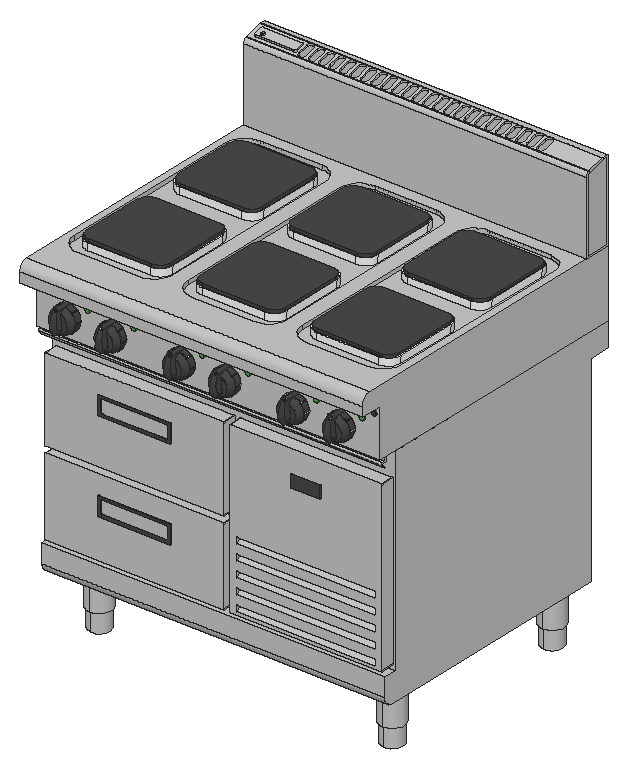
Revit family "QF_Moffat_RN8600SE-RB_Electric_Cooktops_Sealed_Hobs_cat", category Specialty Equipment, Revit 2019 (continued)
Definition of nested family "High and Low Option"
  Forms (mm)
    Extrusion 3, solid, visible <- "High Back"
      sketch origin (0, 0, 0) x (0, 1, 0) y (0, 0, 1)
        loop
          arc (-60.278, 1114.555) -> (-64.982, 1111.412) -> (-66.8, 1106.055) r 8.8
          line (-66.8, 1106.055) -> (-66.8, 918.2) -> (-3.2, 918.2) -> (-3.2, 1126.909)
      from 0 to 3.2
    Extrusion 4, solid, visible <- "High Back"
      sketch origin (900, 0, 0) x (0, 1, 0) y (0, 0, -1)
        loop
          line (-3.2, -1126.909) -> (-3.2, -918.2) -> (-66.8, -918.2) -> (-66.8, -1106.055)
          arc (-66.8, -1106.055) -> (-64.982, -1111.412) -> (-60.278, -1114.555) r 8.8
          line (-60.278, -1114.555) -> (-14.172, -1126.909) -> (-3.2, -1126.909)
      from 0 to 3.2
    Extrusion 5, solid, visible <- "High Back"
      sketch origin (0, -15, 1130) x (0, -0.965926, -0.258819) y (1, 0, 0)
        loop
          line (47.732, 900) -> (0, 900) -> (0, 0) -> (47.732, 0) -> (47.732, 900)
        loop
          arc (11.379, 149.307) -> (1.379, 139.307) -> (11.379, 129.307) r 10
          line (11.379, 129.307) -> (36.495, 129.307)
          arc (36.495, 129.307) -> (46.495, 139.307) -> (36.495, 149.307) r 10
          line (36.495, 149.307) -> (11.379, 149.307)
        loop
          arc (11.379, 176.588) -> (1.379, 166.588) -> (11.379, 156.588) r 10
          line (11.379, 156.588) -> (36.495, 156.588)
          arc (36.495, 156.588) -> (46.495, 166.588) -> (36.495, 176.588) r 10
          line (36.495, 176.588) -> (11.379, 176.588)
        loop
          arc (11.379, 203.868) -> (1.379, 193.868) -> (11.379, 183.868) r 10
          line (11.379, 183.868) -> (36.495, 183.868)
          arc (36.495, 183.868) -> (46.495, 193.868) -> (36.495, 203.868) r 10
          line (36.495, 203.868) -> (11.379, 203.868)
        loop
          arc (11.379, 231.148) -> (1.379, 221.148) -> (11.379, 211.148) r 10
          line (11.379, 211.148) -> (36.495, 211.148)
          arc (36.495, 211.148) -> (46.495, 221.148) -> (36.495, 231.148) r 10
          line (36.495, 231.148) -> (11.379, 231.148)
        loop
          arc (11.379, 258.428) -> (1.379, 248.428) -> (11.379, 238.428) r 10
          line (11.379, 238.428) -> (36.495, 238.428)
          arc (36.495, 238.428) -> (46.495, 248.428) -> (36.495, 258.428) r 10
          line (36.495, 258.428) -> (11.379, 258.428)
        loop
          arc (11.379, 285.709) -> (1.379, 275.709) -> (11.379, 265.709) r 10
          line (11.379, 265.709) -> (36.495, 265.709)
          arc (36.495, 265.709) -> (46.495, 275.709) -> (36.495, 285.709) r 10
          line (36.495, 285.709) -> (11.379, 285.709)
        loop
          arc (11.379, 312.989) -> (1.379, 302.989) -> (11.379, 292.989) r 10
          line (11.379, 292.989) -> (36.495, 292.989)
          arc (36.495, 292.989) -> (46.495, 302.989) -> (36.495, 312.989) r 10
          line (36.495, 312.989) -> (11.379, 312.989)
        loop
          arc (11.379, 340.269) -> (1.379, 330.269) -> (11.379, 320.269) r 10
          line (11.379, 320.269) -> (36.495, 320.269)
          arc (36.495, 320.269) -> (46.495, 330.269) -> (36.495, 340.269) r 10
          line (36.495, 340.269) -> (11.379, 340.269)
        loop
          arc (11.379, 367.549) -> (1.379, 357.549) -> (11.379, 347.549) r 10
          line (11.379, 347.549) -> (36.495, 347.549)
          arc (36.495, 347.549) -> (46.495, 357.549) -> (36.495, 367.549) r 10
          line (36.495, 367.549) -> (11.379, 367.549)
        loop
          arc (11.379, 394.829) -> (1.379, 384.829) -> (11.379, 374.829) r 10
          line (11.379, 374.829) -> (36.495, 374.829)
          arc (36.495, 374.829) -> (46.495, 384.829) -> (36.495, 394.829) r 10
          line (36.495, 394.829) -> (11.379, 394.829)
        loop
          arc (11.379, 422.11) -> (1.379, 412.11) -> (11.379, 402.11) r 10
          line (11.379, 402.11) -> (36.495, 402.11)
          arc (36.495, 402.11) -> (46.495, 412.11) -> (36.495, 422.11) r 10
          line (36.495, 422.11) -> (11.379, 422.11)
        loop
          arc (11.379, 449.39) -> (1.379, 439.39) -> (11.379, 429.39) r 10
          line (11.379, 429.39) -> (36.495, 429.39)
          arc (36.495, 429.39) -> (46.495, 439.39) -> (36.495, 449.39) r 10
          line (36.495, 449.39) -> (11.379, 449.39)
        loop
          arc (11.379, 476.67) -> (1.379, 466.67) -> (11.379, 456.67) r 10
          line (11.379, 456.67) -> (36.495, 456.67)
          arc (36.495, 456.67) -> (46.495, 466.67) -> (36.495, 476.67) r 10
          line (36.495, 476.67) -> (11.379, 476.67)
        loop
          arc (11.379, 503.95) -> (1.379, 493.95) -> (11.379, 483.95) r 10
          line (11.379, 483.95) -> (36.495, 483.95)
          arc (36.495, 483.95) -> (46.495, 493.95) -> (36.495, 503.95) r 10
          line (36.495, 503.95) -> (11.379, 503.95)
        loop
          arc (11.379, 531.23) -> (1.379, 521.23) -> (11.379, 511.23) r 10
          line (11.379, 511.23) -> (36.495, 511.23)
          arc (36.495, 511.23) -> (46.495, 521.23) -> (36.495, 531.23) r 10
          line (36.495, 531.23) -> (11.379, 531.23)
        loop
          arc (11.379, 558.511) -> (1.379, 548.511) -> (11.379, 538.511) r 10
          line (11.379, 538.511) -> (36.495, 538.511)
          arc (36.495, 538.511) -> (46.495, 548.511) -> (36.495, 558.511) r 10
          line (36.495, 558.511) -> (11.379, 558.511)
        loop
          arc (11.379, 585.791) -> (1.379, 575.791) -> (11.379, 565.791) r 10
          line (11.379, 565.791) -> (36.495, 565.791)
          arc (36.495, 565.791) -> (46.495, 575.791) -> (36.495, 585.791) r 10
          line (36.495, 585.791) -> (11.379, 585.791)
        loop
          arc (11.379, 613.071) -> (1.379, 603.071) -> (11.379, 593.071) r 10
          line (11.379, 593.071) -> (36.495, 593.071)
          arc (36.495, 593.071) -> (46.495, 603.071) -> (36.495, 613.071) r 10
          line (36.495, 613.071) -> (11.379, 613.071)
        loop
          arc (11.379, 640.351) -> (1.379, 630.351) -> (11.379, 620.351) r 10
          line (11.379, 620.351) -> (36.495, 620.351)
          arc (36.495, 620.351) -> (46.495, 630.351) -> (36.495, 640.351) r 10
          line (36.495, 640.351) -> (11.379, 640.351)
        loop
          arc (11.379, 667.632) -> (1.379, 657.632) -> (11.379, 647.632) r 10
          line (11.379, 647.632) -> (36.495, 647.632)
          arc (36.495, 647.632) -> (46.495, 657.632) -> (36.495, 667.632) r 10
          line (36.495, 667.632) -> (11.379, 667.632)
        loop
          arc (11.379, 694.912) -> (1.379, 684.912) -> (11.379, 674.912) r 10
          line (11.379, 674.912) -> (36.495, 674.912)
          arc (36.495, 674.912) -> (46.495, 684.912) -> (36.495, 694.912) r 10
          line (36.495, 694.912) -> (11.379, 694.912)
        loop
          arc (11.379, 722.192) -> (1.379, 712.192) -> (11.379, 702.192) r 10
          line (11.379, 702.192) -> (36.495, 702.192)
          arc (36.495, 702.192) -> (46.495, 712.192) -> (36.495, 722.192) r 10
          line (36.495, 722.192) -> (11.379, 722.192)
        loop
          arc (11.379, 749.472) -> (1.379, 739.472) -> (11.379, 729.472) r 10
          line (11.379, 729.472) -> (36.495, 729.472)
          arc (36.495, 729.472) -> (46.495, 739.472) -> (36.495, 749.472) r 10
          line (36.495, 749.472) -> (11.379, 749.472)
        loop
          arc (11.379, 776.752) -> (1.379, 766.752) -> (11.379, 756.752) r 10
          line (11.379, 756.752) -> (36.495, 756.752)
          arc (36.495, 756.752) -> (46.495, 766.752) -> (36.495, 776.752) r 10
          line (36.495, 776.752) -> (11.379, 776.752)
      from 0 to -3.2
    Extrusion 6, solid, visible <- "Low Back", not visible
      sketch origin (0, 0, 600) x (0, 1, 0) y (0, 0, 1)
        loop
          line (-70, 315) -> (0, 315) -> (0, 370) -> (-55, 370) -> (-70, 355) -> (-70, 315)
      from 0 to 900
    Extrusion 7, solid, visible <- "High Back", not visible
      sketch origin (0, 0, 0) x (0, 1, 0) y (0, 0, 1)
        loop
          line (-70, 915) -> (0, 915) -> (0, 1130) -> (-15, 1130) -> (-14.172, 1126.909) -> (-3.2, 1126.909) -> (-3.2, 918.2) -> (-66.8, 918.2) -> (-66.8, 1106.055)
          arc (-66.8, 1106.055) -> (-64.982, 1111.412) -> (-60.278, 1114.555) r 8.8
          line (-60.278, 1114.555) -> (-61.106, 1117.646)
          arc (-61.106, 1117.646) -> (-67.52, 1113.36) -> (-70, 1106.055) r 12
          line (-70, 1106.055) -> (-70, 915)
      from 0 to 900
    Extrusion 8, solid, visible <- "High Back", not visible
      sketch origin (0, 0, 0) x (0, 1, 0) y (0, 0, 1)
        loop
          line (-3.2, 1126.909) -> (-14.172, 1126.909) -> (-60.278, 1114.555)
          arc (-60.278, 1114.555) -> (-64.982, 1111.412) -> (-66.8, 1106.055) r 8.8
          line (-66.8, 1106.055) -> (-66.8, 918.2) -> (-3.2, 918.2) -> (-3.2, 1126.909)
      from 0 to 3.2
    Extrusion 9, solid, visible <- "High Back", not visible
      sketch origin (900, 0, 0) x (0, 1, 0) y (0, 0, -1)
        loop
          line (-3.2, -1126.909) -> (-3.2, -918.2) -> (-66.8, -918.2) -> (-66.8, -1106.055)
          arc (-66.8, -1106.055) -> (-64.982, -1111.412) -> (-60.278, -1114.555) r 8.8
          line (-60.278, -1114.555) -> (-14.172, -1126.909) -> (-3.2, -1126.909)
      from 0 to 3.2
    Extrusion 10, solid, visible <- "High Back", not visible
      sketch origin (0, -15, 1130) x (0, -0.965926, -0.258819) y (1, 0, 0)
        loop
          line (47.732, 900) -> (0, 900) -> (0, 0) -> (47.732, 0) -> (47.732, 900)
        loop
          arc (11.379, 149.307) -> (1.379, 139.307) -> (11.379, 129.307) r 10
          line (11.379, 129.307) -> (36.495, 129.307)
          arc (36.495, 129.307) -> (46.495, 139.307) -> (36.495, 149.307) r 10
          line (36.495, 149.307) -> (11.379, 149.307)
        loop
          arc (11.379, 176.588) -> (1.379, 166.588) -> (11.379, 156.588) r 10
          line (11.379, 156.588) -> (36.495, 156.588)
          arc (36.495, 156.588) -> (46.495, 166.588) -> (36.495, 176.588) r 10
          line (36.495, 176.588) -> (11.379, 176.588)
        loop
          arc (11.379, 203.868) -> (1.379, 193.868) -> (11.379, 183.868) r 10
          line (11.379, 183.868) -> (36.495, 183.868)
          arc (36.495, 183.868) -> (46.495, 193.868) -> (36.495, 203.868) r 10
          line (36.495, 203.868) -> (11.379, 203.868)
        loop
          arc (11.379, 231.148) -> (1.379, 221.148) -> (11.379, 211.148) r 10
          line (11.379, 211.148) -> (36.495, 211.148)
          arc (36.495, 211.148) -> (46.495, 221.148) -> (36.495, 231.148) r 10
          line (36.495, 231.148) -> (11.379, 231.148)
        loop
          arc (11.379, 258.428) -> (1.379, 248.428) -> (11.379, 238.428) r 10
          line (11.379, 238.428) -> (36.495, 238.428)
          arc (36.495, 238.428) -> (46.495, 248.428) -> (36.495, 258.428) r 10
          line (36.495, 258.428) -> (11.379, 258.428)
        loop
          arc (11.379, 285.709) -> (1.379, 275.709) -> (11.379, 265.709) r 10
          line (11.379, 265.709) -> (36.495, 265.709)
          arc (36.495, 265.709) -> (46.495, 275.709) -> (36.495, 285.709) r 10
          line (36.495, 285.709) -> (11.379, 285.709)
        loop
          arc (11.379, 312.989) -> (1.379, 302.989) -> (11.379, 292.989) r 10
          line (11.379, 292.989) -> (36.495, 292.989)
          arc (36.495, 292.989) -> (46.495, 302.989) -> (36.495, 312.989) r 10
          line (36.495, 312.989) -> (11.379, 312.989)
        loop
          arc (11.379, 340.269) -> (1.379, 330.269) -> (11.379, 320.269) r 10
          line (11.379, 320.269) -> (36.495, 320.269)
          arc (36.495, 320.269) -> (46.495, 330.269) -> (36.495, 340.269) r 10
          line (36.495, 340.269) -> (11.379, 340.269)
        loop
          arc (11.379, 367.549) -> (1.379, 357.549) -> (11.379, 347.549) r 10
          line (11.379, 347.549) -> (36.495, 347.549)
          arc (36.495, 347.549) -> (46.495, 357.549) -> (36.495, 367.549) r 10
          line (36.495, 367.549) -> (11.379, 367.549)
        loop
          arc (11.379, 394.829) -> (1.379, 384.829) -> (11.379, 374.829) r 10
          line (11.379, 374.829) -> (36.495, 374.829)
          arc (36.495, 374.829) -> (46.495, 384.829) -> (36.495, 394.829) r 10
          line (36.495, 394.829) -> (11.379, 394.829)
        loop
          arc (11.379, 422.11) -> (1.379, 412.11) -> (11.379, 402.11) r 10
          line (11.379, 402.11) -> (36.495, 402.11)
          arc (36.495, 402.11) -> (46.495, 412.11) -> (36.495, 422.11) r 10
          line (36.495, 422.11) -> (11.379, 422.11)
        loop
          arc (11.379, 449.39) -> (1.379, 439.39) -> (11.379, 429.39) r 10
          line (11.379, 429.39) -> (36.495, 429.39)
          arc (36.495, 429.39) -> (46.495, 439.39) -> (36.495, 449.39) r 10
          line (36.495, 449.39) -> (11.379, 449.39)
        loop
          arc (11.379, 476.67) -> (1.379, 466.67) -> (11.379, 456.67) r 10
          line (11.379, 456.67) -> (36.495, 456.67)
          arc (36.495, 456.67) -> (46.495, 466.67) -> (36.495, 476.67) r 10
          line (36.495, 476.67) -> (11.379, 476.67)
        loop
          arc (11.379, 503.95) -> (1.379, 493.95) -> (11.379, 483.95) r 10
          line (11.379, 483.95) -> (36.495, 483.95)
          arc (36.495, 483.95) -> (46.495, 493.95) -> (36.495, 503.95) r 10
          line (36.495, 503.95) -> (11.379, 503.95)
        loop
          arc (11.379, 531.23) -> (1.379, 521.23) -> (11.379, 511.23) r 10
          line (11.379, 511.23) -> (36.495, 511.23)
          arc (36.495, 511.23) -> (46.495, 521.23) -> (36.495, 531.23) r 10
          line (36.495, 531.23) -> (11.379, 531.23)
        loop
          arc (11.379, 558.511) -> (1.379, 548.511) -> (11.379, 538.511) r 10
          line (11.379, 538.511) -> (36.495, 538.511)
          arc (36.495, 538.511) -> (46.495, 548.511) -> (36.495, 558.511) r 10
          line (36.495, 558.511) -> (11.379, 558.511)
        loop
          arc (11.379, 585.791) -> (1.379, 575.791) -> (11.379, 565.791) r 10
          line (11.379, 565.791) -> (36.495, 565.791)
          arc (36.495, 565.791) -> (46.495, 575.791) -> (36.495, 585.791) r 10
          line (36.495, 585.791) -> (11.379, 585.791)
        loop
          arc (11.379, 613.071) -> (1.379, 603.071) -> (11.379, 593.071) r 10
          line (11.379, 593.071) -> (36.495, 593.071)
          arc (36.495, 593.071) -> (46.495, 603.071) -> (36.495, 613.071) r 10
          line (36.495, 613.071) -> (11.379, 613.071)
        loop
          arc (11.379, 640.351) -> (1.379, 630.351) -> (11.379, 620.351) r 10
          line (11.379, 620.351) -> (36.495, 620.351)
          arc (36.495, 620.351) -> (46.495, 630.351) -> (36.495, 640.351) r 10
          line (36.495, 640.351) -> (11.379, 640.351)
        loop
          arc (11.379, 667.632) -> (1.379, 657.632) -> (11.379, 647.632) r 10
          line (11.379, 647.632) -> (36.495, 647.632)
          arc (36.495, 647.632) -> (46.495, 657.632) -> (36.495, 667.632) r 10
          line (36.495, 667.632) -> (11.379, 667.632)
        loop
          arc (11.379, 694.912) -> (1.379, 684.912) -> (11.379, 674.912) r 10
          line (11.379, 674.912) -> (36.495, 674.912)
          arc (36.495, 674.912) -> (46.495, 684.912) -> (36.495, 694.912) r 10
          line (36.495, 694.912) -> (11.379, 694.912)
        loop
          arc (11.379, 722.192) -> (1.379, 712.192) -> (11.379, 702.192) r 10
          line (11.379, 702.192) -> (36.495, 702.192)
          arc (36.495, 702.192) -> (46.495, 712.192) -> (36.495, 722.192) r 10
          line (36.495, 722.192) -> (11.379, 722.192)
        loop
          arc (11.379, 749.472) -> (1.379, 739.472) -> (11.379, 729.472) r 10
          line (11.379, 729.472) -> (36.495, 729.472)
          arc (36.495, 729.472) -> (46.495, 739.472) -> (36.495, 749.472) r 10
          line (36.495, 749.472) -> (11.379, 749.472)
        loop
          arc (11.379, 776.752) -> (1.379, 766.752) -> (11.379, 756.752) r 10
          line (11.379, 756.752) -> (36.495, 756.752)
          arc (36.495, 756.752) -> (46.495, 766.752) -> (36.495, 776.752) r 10
          line (36.495, 776.752) -> (11.379, 776.752)
      from 0 to -3.2
  Lines and regions (mm)
    symbolic lines
      curve 1: line (0, -71.587, 946.25) -> (0, -71.587, 923.25)
      curve 2: line (0, 0, 0) -> (900, 0, 0)
      curve 3: line (0, -70, 0) -> (0, 0, 0)
      curve 4: line (900, -70, 0) -> (0, -70, 0)
      curve 5: line (900, 0, 0) -> (900, -70, 0)
      curve 202: line (0, 0, 0) -> (900, 0, 0)
      curve 203: line (0, -70, 0) -> (0, 0, 0)
      curve 204: line (900, -70, 0) -> (0, -70, 0)
      curve 205: line (900, 0, 0) -> (900, -70, 0)
    symbolic lines, visible <- "High Back"
      curve 6: line (129.307, -50.251, 0) -> (129.307, -25.991, 0)
      curve 7: spline (129.307, -25.991, 0) -> (129.648, -23.491, 0) -> (130.647, -21.162, 0) -> (132.236, -19.161, 0) -> (134.307, -17.626, 0) -> (136.719, -16.661, 0) -> (139.307, -16.332, 0) -> (141.896, -16.661, 0) -> (144.307, -17.626, 0) -> (146.379, -19.161, 0) -> (147.968, -21.162, 0) -> (148.967, -23.491, 0) -> (149.307, -25.991, 0)
      curve 8: line (149.307, -25.991, 0) -> (149.307, -50.251, 0)
      curve 9: spline (149.307, -50.251, 0) -> (148.967, -52.751, 0) -> (147.968, -55.081, 0) -> (146.379, -57.081, 0) -> (144.307, -58.616, 0) -> (141.896, -59.581, 0) -> (139.307, -59.91, 0) -> (136.719, -59.581, 0) -> (134.307, -58.616, 0) -> (132.236, -57.081, 0) -> (130.647, -55.081, 0) -> (129.648, -52.751, 0) -> (129.307, -50.251, 0)
      curve 10: line (156.588, -50.251, 0) -> (156.588, -25.991, 0)
      curve 11: spline (156.588, -25.991, 0) -> (156.928, -23.491, 0) -> (157.927, -21.162, 0) -> (159.517, -19.161, 0) -> (161.588, -17.626, 0) -> (164, -16.661, 0) -> (166.588, -16.332, 0) -> (169.176, -16.661, 0) -> (171.588, -17.626, 0) -> (173.659, -19.161, 0) -> (175.248, -21.162, 0) -> (176.247, -23.491, 0) -> (176.588, -25.991, 0)
      curve 12: line (176.588, -25.991, 0) -> (176.588, -50.251, 0)
      curve 13: spline (176.588, -50.251, 0) -> (176.247, -52.751, 0) -> (175.248, -55.081, 0) -> (173.659, -57.081, 0) -> (171.588, -58.616, 0) -> (169.176, -59.581, 0) -> (166.588, -59.91, 0) -> (164, -59.581, 0) -> (161.588, -58.616, 0) -> (159.517, -57.081, 0) -> (157.927, -55.081, 0) -> (156.928, -52.751, 0) -> (156.588, -50.251, 0)
      curve 14: line (183.868, -50.251, 0) -> (183.868, -25.991, 0)
      curve 15: spline (183.868, -25.991, 0) -> (184.209, -23.491, 0) -> (185.208, -21.162, 0) -> (186.797, -19.161, 0) -> (188.868, -17.626, 0) -> (191.28, -16.661, 0) -> (193.868, -16.332, 0) -> (196.456, -16.661, 0) -> (198.868, -17.626, 0) -> (200.939, -19.161, 0) -> (202.528, -21.162, 0) -> (203.527, -23.491, 0) -> (203.868, -25.991, 0)
      curve 16: line (203.868, -25.991, 0) -> (203.868, -50.251, 0)
      curve 17: spline (203.868, -50.251, 0) -> (203.527, -52.751, 0) -> (202.528, -55.081, 0) -> (200.939, -57.081, 0) -> (198.868, -58.616, 0) -> (196.456, -59.581, 0) -> (193.868, -59.91, 0) -> (191.28, -59.581, 0) -> (188.868, -58.616, 0) -> (186.797, -57.081, 0) -> (185.208, -55.081, 0) -> (184.209, -52.751, 0) -> (183.868, -50.251, 0)
      curve 18: line (211.148, -50.251, 0) -> (211.148, -25.991, 0)
      curve 19: spline (211.148, -25.991, 0) -> (211.489, -23.491, 0) -> (212.488, -21.162, 0) -> (214.077, -19.161, 0) -> (216.148, -17.626, 0) -> (218.56, -16.661, 0) -> (221.148, -16.332, 0) -> (223.736, -16.661, 0) -> (226.148, -17.626, 0) -> (228.219, -19.161, 0) -> (229.808, -21.162, 0) -> (230.807, -23.491, 0) -> (231.148, -25.991, 0)
      curve 20: line (231.148, -25.991, 0) -> (231.148, -50.251, 0)
      curve 21: spline (231.148, -50.251, 0) -> (230.807, -52.751, 0) -> (229.808, -55.081, 0) -> (228.219, -57.081, 0) -> (226.148, -58.616, 0) -> (223.736, -59.581, 0) -> (221.148, -59.91, 0) -> (218.56, -59.581, 0) -> (216.148, -58.616, 0) -> (214.077, -57.081, 0) -> (212.488, -55.081, 0) -> (211.489, -52.751, 0) -> (211.148, -50.251, 0)
      curve 22: line (238.428, -50.251, 0) -> (238.428, -25.991, 0)
      curve 23: spline (238.428, -25.991, 0) -> (238.769, -23.491, 0) -> (239.768, -21.162, 0) -> (241.357, -19.161, 0) -> (243.428, -17.626, 0) -> (245.84, -16.661, 0) -> (248.428, -16.332, 0) -> (251.017, -16.661, 0) -> (253.428, -17.626, 0) -> (255.499, -19.161, 0) -> (257.089, -21.162, 0) -> (258.088, -23.491, 0) -> (258.428, -25.991, 0)
      curve 24: line (258.428, -25.991, 0) -> (258.428, -50.251, 0)
      curve 25: spline (258.428, -50.251, 0) -> (258.088, -52.751, 0) -> (257.089, -55.081, 0) -> (255.499, -57.081, 0) -> (253.428, -58.616, 0) -> (251.017, -59.581, 0) -> (248.428, -59.91, 0) -> (245.84, -59.581, 0) -> (243.428, -58.616, 0) -> (241.357, -57.081, 0) -> (239.768, -55.081, 0) -> (238.769, -52.751, 0) -> (238.428, -50.251, 0)
      curve 26: line (265.709, -50.251, 0) -> (265.709, -25.991, 0)
      curve 27: spline (265.709, -25.991, 0) -> (266.049, -23.491, 0) -> (267.048, -21.162, 0) -> (268.637, -19.161, 0) -> (270.709, -17.626, 0) -> (273.12, -16.661, 0) -> (275.709, -16.332, 0) -> (278.297, -16.661, 0) -> (280.709, -17.626, 0) -> (282.78, -19.161, 0) -> (284.369, -21.162, 0) -> (285.368, -23.491, 0) -> (285.709, -25.991, 0)
      curve 28: line (285.709, -25.991, 0) -> (285.709, -50.251, 0)
      curve 29: spline (285.709, -50.251, 0) -> (285.368, -52.751, 0) -> (284.369, -55.081, 0) -> (282.78, -57.081, 0) -> (280.709, -58.616, 0) -> (278.297, -59.581, 0) -> (275.709, -59.91, 0) -> (273.12, -59.581, 0) -> (270.709, -58.616, 0) -> (268.637, -57.081, 0) -> (267.048, -55.081, 0) -> (266.049, -52.751, 0) -> (265.709, -50.251, 0)
      curve 30: line (292.989, -50.251, 0) -> (292.989, -25.991, 0)
      curve 31: spline (292.989, -25.991, 0) -> (293.329, -23.491, 0) -> (294.329, -21.162, 0) -> (295.918, -19.161, 0) -> (297.989, -17.626, 0) -> (300.401, -16.661, 0) -> (302.989, -16.332, 0) -> (305.577, -16.661, 0) -> (307.989, -17.626, 0) -> (310.06, -19.161, 0) -> (311.649, -21.162, 0) -> (312.648, -23.491, 0) -> (312.989, -25.991, 0)
      curve 32: line (312.989, -25.991, 0) -> (312.989, -50.251, 0)
      curve 33: spline (312.989, -50.251, 0) -> (312.648, -52.751, 0) -> (311.649, -55.081, 0) -> (310.06, -57.081, 0) -> (307.989, -58.616, 0) -> (305.577, -59.581, 0) -> (302.989, -59.91, 0) -> (300.401, -59.581, 0) -> (297.989, -58.616, 0) -> (295.918, -57.081, 0) -> (294.329, -55.081, 0) -> (293.329, -52.751, 0) -> (292.989, -50.251, 0)
      curve 34: line (320.269, -50.251, 0) -> (320.269, -25.991, 0)
      curve 35: spline (320.269, -25.991, 0) -> (320.61, -23.491, 0) -> (321.609, -21.162, 0) -> (323.198, -19.161, 0) -> (325.269, -17.626, 0) -> (327.681, -16.661, 0) -> (330.269, -16.332, 0) -> (332.857, -16.661, 0) -> (335.269, -17.626, 0) -> (337.34, -19.161, 0) -> (338.929, -21.162, 0) -> (339.928, -23.491, 0) -> (340.269, -25.991, 0)
      curve 36: line (340.269, -25.991, 0) -> (340.269, -50.251, 0)
      curve 37: spline (340.269, -50.251, 0) -> (339.928, -52.751, 0) -> (338.929, -55.081, 0) -> (337.34, -57.081, 0) -> (335.269, -58.616, 0) -> (332.857, -59.581, 0) -> (330.269, -59.91, 0) -> (327.681, -59.581, 0) -> (325.269, -58.616, 0) -> (323.198, -57.081, 0) -> (321.609, -55.081, 0) -> (320.61, -52.751, 0) -> (320.269, -50.251, 0)
      curve 38: line (347.549, -50.251, 0) -> (347.549, -25.991, 0)
      curve 39: spline (347.549, -25.991, 0) -> (347.89, -23.491, 0) -> (348.889, -21.162, 0) -> (350.478, -19.161, 0) -> (352.549, -17.626, 0) -> (354.961, -16.661, 0) -> (357.549, -16.332, 0) -> (360.137, -16.661, 0) -> (362.549, -17.626, 0) -> (364.62, -19.161, 0) -> (366.209, -21.162, 0) -> (367.208, -23.491, 0) -> (367.549, -25.991, 0)
      curve 40: line (367.549, -25.991, 0) -> (367.549, -50.251, 0)
      curve 41: spline (367.549, -50.251, 0) -> (367.208, -52.751, 0) -> (366.209, -55.081, 0) -> (364.62, -57.081, 0) -> (362.549, -58.616, 0) -> (360.137, -59.581, 0) -> (357.549, -59.91, 0) -> (354.961, -59.581, 0) -> (352.549, -58.616, 0) -> (350.478, -57.081, 0) -> (348.889, -55.081, 0) -> (347.89, -52.751, 0) -> (347.549, -50.251, 0)
      curve 42: line (374.829, -50.251, 0) -> (374.829, -25.991, 0)
      curve 43: spline (374.829, -25.991, 0) -> (375.17, -23.491, 0) -> (376.169, -21.162, 0) -> (377.758, -19.161, 0) -> (379.829, -17.626, 0) -> (382.241, -16.661, 0) -> (384.829, -16.332, 0) -> (387.418, -16.661, 0) -> (389.829, -17.626, 0) -> (391.9, -19.161, 0) -> (393.49, -21.162, 0) -> (394.489, -23.491, 0) -> (394.829, -25.991, 0)
      curve 44: line (394.829, -25.991, 0) -> (394.829, -50.251, 0)
      curve 45: spline (394.829, -50.251, 0) -> (394.489, -52.751, 0) -> (393.49, -55.081, 0) -> (391.9, -57.081, 0) -> (389.829, -58.616, 0) -> (387.418, -59.581, 0) -> (384.829, -59.91, 0) -> (382.241, -59.581, 0) -> (379.829, -58.616, 0) -> (377.758, -57.081, 0) -> (376.169, -55.081, 0) -> (375.17, -52.751, 0) -> (374.829, -50.251, 0)
      curve 46: line (402.11, -50.251, 0) -> (402.11, -25.991, 0)
      curve 47: spline (402.11, -25.991, 0) -> (402.45, -23.491, 0) -> (403.449, -21.162, 0) -> (405.039, -19.161, 0) -> (407.11, -17.626, 0) -> (409.521, -16.661, 0) -> (412.11, -16.332, 0) -> (414.698, -16.661, 0) -> (417.11, -17.626, 0) -> (419.181, -19.161, 0) -> (420.77, -21.162, 0) -> (421.769, -23.491, 0) -> (422.11, -25.991, 0)
      curve 48: line (422.11, -25.991, 0) -> (422.11, -50.251, 0)
      curve 49: spline (422.11, -50.251, 0) -> (421.769, -52.751, 0) -> (420.77, -55.081, 0) -> (419.181, -57.081, 0) -> (417.11, -58.616, 0) -> (414.698, -59.581, 0) -> (412.11, -59.91, 0) -> (409.521, -59.581, 0) -> (407.11, -58.616, 0) -> (405.039, -57.081, 0) -> (403.449, -55.081, 0) -> (402.45, -52.751, 0) -> (402.11, -50.251, 0)
      curve 50: line (429.39, -50.251, 0) -> (429.39, -25.991, 0)
      curve 51: spline (429.39, -25.991, 0) -> (429.731, -23.491, 0) -> (430.73, -21.162, 0) -> (432.319, -19.161, 0) -> (434.39, -17.626, 0) -> (436.802, -16.661, 0) -> (439.39, -16.332, 0) -> (441.978, -16.661, 0) -> (444.39, -17.626, 0) -> (446.461, -19.161, 0) -> (448.05, -21.162, 0) -> (449.049, -23.491, 0) -> (449.39, -25.991, 0)
      curve 52: line (449.39, -25.991, 0) -> (449.39, -50.251, 0)
      curve 53: spline (449.39, -50.251, 0) -> (449.049, -52.751, 0) -> (448.05, -55.081, 0) -> (446.461, -57.081, 0) -> (444.39, -58.616, 0) -> (441.978, -59.581, 0) -> (439.39, -59.91, 0) -> (436.802, -59.581, 0) -> (434.39, -58.616, 0) -> (432.319, -57.081, 0) -> (430.73, -55.081, 0) -> (429.731, -52.751, 0) -> (429.39, -50.251, 0)
      curve 54: line (456.67, -50.251, 0) -> (456.67, -25.991, 0)
      curve 55: spline (456.67, -25.991, 0) -> (457.011, -23.491, 0) -> (458.01, -21.162, 0) -> (459.599, -19.161, 0) -> (461.67, -17.626, 0) -> (464.082, -16.661, 0) -> (466.67, -16.332, 0) -> (469.258, -16.661, 0) -> (471.67, -17.626, 0) -> (473.741, -19.161, 0) -> (475.33, -21.162, 0) -> (476.329, -23.491, 0) -> (476.67, -25.991, 0)
      curve 56: line (476.67, -25.991, 0) -> (476.67, -50.251, 0)
      curve 57: spline (476.67, -50.251, 0) -> (476.329, -52.751, 0) -> (475.33, -55.081, 0) -> (473.741, -57.081, 0) -> (471.67, -58.616, 0) -> (469.258, -59.581, 0) -> (466.67, -59.91, 0) -> (464.082, -59.581, 0) -> (461.67, -58.616, 0) -> (459.599, -57.081, 0) -> (458.01, -55.081, 0) -> (457.011, -52.751, 0) -> (456.67, -50.251, 0)
      curve 58: line (483.95, -50.251, 0) -> (483.95, -25.991, 0)
      curve 59: spline (483.95, -25.991, 0) -> (484.291, -23.491, 0) -> (485.29, -21.162, 0) -> (486.879, -19.161, 0) -> (488.95, -17.626, 0) -> (491.362, -16.661, 0) -> (493.95, -16.332, 0) -> (496.538, -16.661, 0) -> (498.95, -17.626, 0) -> (501.021, -19.161, 0) -> (502.61, -21.162, 0) -> (503.609, -23.491, 0) -> (503.95, -25.991, 0)
      curve 60: line (503.95, -25.991, 0) -> (503.95, -50.251, 0)
      curve 61: spline (503.95, -50.251, 0) -> (503.609, -52.751, 0) -> (502.61, -55.081, 0) -> (501.021, -57.081, 0) -> (498.95, -58.616, 0) -> (496.538, -59.581, 0) -> (493.95, -59.91, 0) -> (491.362, -59.581, 0) -> (488.95, -58.616, 0) -> (486.879, -57.081, 0) -> (485.29, -55.081, 0) -> (484.291, -52.751, 0) -> (483.95, -50.251, 0)
      curve 62: line (511.23, -50.251, 0) -> (511.23, -25.991, 0)
      curve 63: spline (511.23, -25.991, 0) -> (511.571, -23.491, 0) -> (512.57, -21.162, 0) -> (514.159, -19.161, 0) -> (516.23, -17.626, 0) -> (518.642, -16.661, 0) -> (521.23, -16.332, 0) -> (523.819, -16.661, 0) -> (526.23, -17.626, 0) -> (528.302, -19.161, 0) -> (529.891, -21.162, 0) -> (530.89, -23.491, 0) -> (531.23, -25.991, 0)
      curve 64: line (531.23, -25.991, 0) -> (531.23, -50.251, 0)
      curve 65: spline (531.23, -50.251, 0) -> (530.89, -52.751, 0) -> (529.891, -55.081, 0) -> (528.302, -57.081, 0) -> (526.23, -58.616, 0) -> (523.819, -59.581, 0) -> (521.23, -59.91, 0) -> (518.642, -59.581, 0) -> (516.23, -58.616, 0) -> (514.159, -57.081, 0) -> (512.57, -55.081, 0) -> (511.571, -52.751, 0) -> (511.23, -50.251, 0)
      curve 66: line (538.511, -50.251, 0) -> (538.511, -25.991, 0)
      curve 67: spline (538.511, -25.991, 0) -> (538.851, -23.491, 0) -> (539.85, -21.162, 0) -> (541.44, -19.161, 0) -> (543.511, -17.626, 0) -> (545.922, -16.661, 0) -> (548.511, -16.332, 0) -> (551.099, -16.661, 0) -> (553.511, -17.626, 0) -> (555.582, -19.161, 0) -> (557.171, -21.162, 0) -> (558.17, -23.491, 0) -> (558.511, -25.991, 0)
      curve 68: line (558.511, -25.991, 0) -> (558.511, -50.251, 0)
      curve 69: spline (558.511, -50.251, 0) -> (558.17, -52.751, 0) -> (557.171, -55.081, 0) -> (555.582, -57.081, 0) -> (553.511, -58.616, 0) -> (551.099, -59.581, 0) -> (548.511, -59.91, 0) -> (545.922, -59.581, 0) -> (543.511, -58.616, 0) -> (541.44, -57.081, 0) -> (539.85, -55.081, 0) -> (538.851, -52.751, 0) -> (538.511, -50.251, 0)
      curve 70: line (565.791, -50.251, 0) -> (565.791, -25.991, 0)
      curve 71: spline (565.791, -25.991, 0) -> (566.132, -23.491, 0) -> (567.131, -21.162, 0) -> (568.72, -19.161, 0) -> (570.791, -17.626, 0) -> (573.203, -16.661, 0) -> (575.791, -16.332, 0) -> (578.379, -16.661, 0) -> (580.791, -17.626, 0) -> (582.862, -19.161, 0) -> (584.451, -21.162, 0) -> (585.45, -23.491, 0) -> (585.791, -25.991, 0)
      curve 72: line (585.791, -25.991, 0) -> (585.791, -50.251, 0)
      curve 73: spline (585.791, -50.251, 0) -> (585.45, -52.751, 0) -> (584.451, -55.081, 0) -> (582.862, -57.081, 0) -> (580.791, -58.616, 0) -> (578.379, -59.581, 0) -> (575.791, -59.91, 0) -> (573.203, -59.581, 0) -> (570.791, -58.616, 0) -> (568.72, -57.081, 0) -> (567.131, -55.081, 0) -> (566.132, -52.751, 0) -> (565.791, -50.251, 0)
      curve 74: line (593.071, -50.251, 0) -> (593.071, -25.991, 0)
      curve 75: spline (593.071, -25.991, 0) -> (593.412, -23.491, 0) -> (594.411, -21.162, 0) -> (596, -19.161, 0) -> (598.071, -17.626, 0) -> (600.483, -16.661, 0) -> (603.071, -16.332, 0) -> (605.659, -16.661, 0) -> (608.071, -17.626, 0) -> (610.142, -19.161, 0) -> (611.731, -21.162, 0) -> (612.73, -23.491, 0) -> (613.071, -25.991, 0)
      curve 76: line (613.071, -25.991, 0) -> (613.071, -50.251, 0)
      curve 77: spline (613.071, -50.251, 0) -> (612.73, -52.751, 0) -> (611.731, -55.081, 0) -> (610.142, -57.081, 0) -> (608.071, -58.616, 0) -> (605.659, -59.581, 0) -> (603.071, -59.91, 0) -> (600.483, -59.581, 0) -> (598.071, -58.616, 0) -> (596, -57.081, 0) -> (594.411, -55.081, 0) -> (593.412, -52.751, 0) -> (593.071, -50.251, 0)
      curve 78: line (620.351, -50.251, 0) -> (620.351, -25.991, 0)
      curve 79: spline (620.351, -25.991, 0) -> (620.692, -23.491, 0) -> (621.691, -21.162, 0) -> (623.28, -19.161, 0) -> (625.351, -17.626, 0) -> (627.763, -16.661, 0) -> (630.351, -16.332, 0) -> (632.939, -16.661, 0) -> (635.351, -17.626, 0) -> (637.422, -19.161, 0) -> (639.012, -21.162, 0) -> (640.011, -23.491, 0) -> (640.351, -25.991, 0)
      curve 80: line (640.351, -25.991, 0) -> (640.351, -50.251, 0)
      curve 81: spline (640.351, -50.251, 0) -> (640.011, -52.751, 0) -> (639.012, -55.081, 0) -> (637.422, -57.081, 0) -> (635.351, -58.616, 0) -> (632.939, -59.581, 0) -> (630.351, -59.91, 0) -> (627.763, -59.581, 0) -> (625.351, -58.616, 0) -> (623.28, -57.081, 0) -> (621.691, -55.081, 0) -> (620.692, -52.751, 0) -> (620.351, -50.251, 0)
      curve 82: line (647.632, -50.251, 0) -> (647.632, -25.991, 0)
      curve 83: spline (647.632, -25.991, 0) -> (647.972, -23.491, 0) -> (648.971, -21.162, 0) -> (650.56, -19.161, 0) -> (652.632, -17.626, 0) -> (655.043, -16.661, 0) -> (657.632, -16.332, 0) -> (660.22, -16.661, 0) -> (662.632, -17.626, 0) -> (664.703, -19.161, 0) -> (666.292, -21.162, 0) -> (667.291, -23.491, 0) -> (667.632, -25.991, 0)
      curve 84: line (667.632, -25.991, 0) -> (667.632, -50.251, 0)
      curve 85: spline (667.632, -50.251, 0) -> (667.291, -52.751, 0) -> (666.292, -55.081, 0) -> (664.703, -57.081, 0) -> (662.632, -58.616, 0) -> (660.22, -59.581, 0) -> (657.632, -59.91, 0) -> (655.043, -59.581, 0) -> (652.632, -58.616, 0) -> (650.56, -57.081, 0) -> (648.971, -55.081, 0) -> (647.972, -52.751, 0) -> (647.632, -50.251, 0)
      curve 86: line (674.912, -50.251, 0) -> (674.912, -25.991, 0)
      curve 87: spline (674.912, -25.991, 0) -> (675.252, -23.491, 0) -> (676.251, -21.162, 0) -> (677.841, -19.161, 0) -> (679.912, -17.626, 0) -> (682.324, -16.661, 0) -> (684.912, -16.332, 0) -> (687.5, -16.661, 0) -> (689.912, -17.626, 0) -> (691.983, -19.161, 0) -> (693.572, -21.162, 0) -> (694.571, -23.491, 0) -> (694.912, -25.991, 0)
      curve 88: line (694.912, -25.991, 0) -> (694.912, -50.251, 0)
      curve 89: spline (694.912, -50.251, 0) -> (694.571, -52.751, 0) -> (693.572, -55.081, 0) -> (691.983, -57.081, 0) -> (689.912, -58.616, 0) -> (687.5, -59.581, 0) -> (684.912, -59.91, 0) -> (682.324, -59.581, 0) -> (679.912, -58.616, 0) -> (677.841, -57.081, 0) -> (676.251, -55.081, 0) -> (675.252, -52.751, 0) -> (674.912, -50.251, 0)
      curve 90: line (702.192, -50.251, 0) -> (702.192, -25.991, 0)
      curve 91: spline (702.192, -25.991, 0) -> (702.533, -23.491, 0) -> (703.532, -21.162, 0) -> (705.121, -19.161, 0) -> (707.192, -17.626, 0) -> (709.604, -16.661, 0) -> (712.192, -16.332, 0) -> (714.78, -16.661, 0) -> (717.192, -17.626, 0) -> (719.263, -19.161, 0) -> (720.852, -21.162, 0) -> (721.851, -23.491, 0) -> (722.192, -25.991, 0)
      curve 92: line (722.192, -25.991, 0) -> (722.192, -50.251, 0)
      curve 93: spline (722.192, -50.251, 0) -> (721.851, -52.751, 0) -> (720.852, -55.081, 0) -> (719.263, -57.081, 0) -> (717.192, -58.616, 0) -> (714.78, -59.581, 0) -> (712.192, -59.91, 0) -> (709.604, -59.581, 0) -> (707.192, -58.616, 0) -> (705.121, -57.081, 0) -> (703.532, -55.081, 0) -> (702.533, -52.751, 0) -> (702.192, -50.251, 0)
      curve 94: line (729.472, -50.251, 0) -> (729.472, -25.991, 0)
      curve 95: spline (729.472, -25.991, 0) -> (729.813, -23.491, 0) -> (730.812, -21.162, 0) -> (732.401, -19.161, 0) -> (734.472, -17.626, 0) -> (736.884, -16.661, 0) -> (739.472, -16.332, 0) -> (742.06, -16.661, 0) -> (744.472, -17.626, 0) -> (746.543, -19.161, 0) -> (748.132, -21.162, 0) -> (749.131, -23.491, 0) -> (749.472, -25.991, 0)
      curve 96: line (749.472, -25.991, 0) -> (749.472, -50.251, 0)
      curve 97: spline (749.472, -50.251, 0) -> (749.131, -52.751, 0) -> (748.132, -55.081, 0) -> (746.543, -57.081, 0) -> (744.472, -58.616, 0) -> (742.06, -59.581, 0) -> (739.472, -59.91, 0) -> (736.884, -59.581, 0) -> (734.472, -58.616, 0) -> (732.401, -57.081, 0) -> (730.812, -55.081, 0) -> (729.813, -52.751, 0) -> (729.472, -50.251, 0)
      curve 98: line (756.752, -50.251, 0) -> (756.752, -25.991, 0)
      curve 99: spline (756.752, -25.991, 0) -> (757.093, -23.491, 0) -> (758.092, -21.162, 0) -> (759.681, -19.161, 0) -> (761.752, -17.626, 0) -> (764.164, -16.661, 0) -> (766.752, -16.332, 0) -> (769.341, -16.661, 0) -> (771.752, -17.626, 0) -> (773.823, -19.161, 0) -> (775.413, -21.162, 0) -> (776.412, -23.491, 0) -> (776.752, -25.991, 0)
      curve 100: line (776.752, -25.991, 0) -> (776.752, -50.251, 0)
      curve 101: spline (776.752, -50.251, 0) -> (776.412, -52.751, 0) -> (775.413, -55.081, 0) -> (773.823, -57.081, 0) -> (771.752, -58.616, 0) -> (769.341, -59.581, 0) -> (766.752, -59.91, 0) -> (764.164, -59.581, 0) -> (761.752, -58.616, 0) -> (759.681, -57.081, 0) -> (758.092, -55.081, 0) -> (757.093, -52.751, 0) -> (756.752, -50.251, 0)
    symbolic lines, not visible
      curve 102: line (0, 0, 0) -> (900, 0, 0)
      curve 103: line (0, -70, 0) -> (0, 0, 0)
      curve 104: line (900, -70, 0) -> (0, -70, 0)
      curve 105: line (900, 0, 0) -> (900, -70, 0)
      curve 206: line (0, 0, 0) -> (900, 0, 0)
      curve 207: line (0, -70, 0) -> (0, 0, 0)
      curve 208: line (900, -70, 0) -> (0, -70, 0)
      curve 209: line (900, 0, 0) -> (900, -70, 0)
    symbolic lines, visible <- "High Back", not visible
      curve 106: line (129.307, -50.251, 0) -> (129.307, -25.991, 0)
      curve 107: spline (129.307, -25.991, 0) -> (129.648, -23.491, 0) -> (130.647, -21.162, 0) -> (132.236, -19.161, 0) -> (134.307, -17.626, 0) -> (136.719, -16.661, 0) -> (139.307, -16.332, 0) -> (141.896, -16.661, 0) -> (144.307, -17.626, 0) -> (146.379, -19.161, 0) -> (147.968, -21.162, 0) -> (148.967, -23.491, 0) -> (149.307, -25.991, 0)
      curve 108: line (149.307, -25.991, 0) -> (149.307, -50.251, 0)
      curve 109: spline (149.307, -50.251, 0) -> (148.967, -52.751, 0) -> (147.968, -55.081, 0) -> (146.379, -57.081, 0) -> (144.307, -58.616, 0) -> (141.896, -59.581, 0) -> (139.307, -59.91, 0) -> (136.719, -59.581, 0) -> (134.307, -58.616, 0) -> (132.236, -57.081, 0) -> (130.647, -55.081, 0) -> (129.648, -52.751, 0) -> (129.307, -50.251, 0)
      curve 110: line (156.588, -50.251, 0) -> (156.588, -25.991, 0)
      curve 111: spline (156.588, -25.991, 0) -> (156.928, -23.491, 0) -> (157.927, -21.162, 0) -> (159.517, -19.161, 0) -> (161.588, -17.626, 0) -> (164, -16.661, 0) -> (166.588, -16.332, 0) -> (169.176, -16.661, 0) -> (171.588, -17.626, 0) -> (173.659, -19.161, 0) -> (175.248, -21.162, 0) -> (176.247, -23.491, 0) -> (176.588, -25.991, 0)
      curve 112: line (176.588, -25.991, 0) -> (176.588, -50.251, 0)
      curve 113: spline (176.588, -50.251, 0) -> (176.247, -52.751, 0) -> (175.248, -55.081, 0) -> (173.659, -57.081, 0) -> (171.588, -58.616, 0) -> (169.176, -59.581, 0) -> (166.588, -59.91, 0) -> (164, -59.581, 0) -> (161.588, -58.616, 0) -> (159.517, -57.081, 0) -> (157.927, -55.081, 0) -> (156.928, -52.751, 0) -> (156.588, -50.251, 0)
      curve 114: line (183.868, -50.251, 0) -> (183.868, -25.991, 0)
      curve 115: spline (183.868, -25.991, 0) -> (184.209, -23.491, 0) -> (185.208, -21.162, 0) -> (186.797, -19.161, 0) -> (188.868, -17.626, 0) -> (191.28, -16.661, 0) -> (193.868, -16.332, 0) -> (196.456, -16.661, 0) -> (198.868, -17.626, 0) -> (200.939, -19.161, 0) -> (202.528, -21.162, 0) -> (203.527, -23.491, 0) -> (203.868, -25.991, 0)
      curve 116: line (203.868, -25.991, 0) -> (203.868, -50.251, 0)
      curve 117: spline (203.868, -50.251, 0) -> (203.527, -52.751, 0) -> (202.528, -55.081, 0) -> (200.939, -57.081, 0) -> (198.868, -58.616, 0) -> (196.456, -59.581, 0) -> (193.868, -59.91, 0) -> (191.28, -59.581, 0) -> (188.868, -58.616, 0) -> (186.797, -57.081, 0) -> (185.208, -55.081, 0) -> (184.209, -52.751, 0) -> (183.868, -50.251, 0)
      curve 118: line (211.148, -50.251, 0) -> (211.148, -25.991, 0)
      curve 119: spline (211.148, -25.991, 0) -> (211.489, -23.491, 0) -> (212.488, -21.162, 0) -> (214.077, -19.161, 0) -> (216.148, -17.626, 0) -> (218.56, -16.661, 0) -> (221.148, -16.332, 0) -> (223.736, -16.661, 0) -> (226.148, -17.626, 0) -> (228.219, -19.161, 0) -> (229.808, -21.162, 0) -> (230.807, -23.491, 0) -> (231.148, -25.991, 0)
      curve 120: line (231.148, -25.991, 0) -> (231.148, -50.251, 0)
      curve 121: spline (231.148, -50.251, 0) -> (230.807, -52.751, 0) -> (229.808, -55.081, 0) -> (228.219, -57.081, 0) -> (226.148, -58.616, 0) -> (223.736, -59.581, 0) -> (221.148, -59.91, 0) -> (218.56, -59.581, 0) -> (216.148, -58.616, 0) -> (214.077, -57.081, 0) -> (212.488, -55.081, 0) -> (211.489, -52.751, 0) -> (211.148, -50.251, 0)
      curve 122: line (238.428, -50.251, 0) -> (238.428, -25.991, 0)
      curve 123: spline (238.428, -25.991, 0) -> (238.769, -23.491, 0) -> (239.768, -21.162, 0) -> (241.357, -19.161, 0) -> (243.428, -17.626, 0) -> (245.84, -16.661, 0) -> (248.428, -16.332, 0) -> (251.017, -16.661, 0) -> (253.428, -17.626, 0) -> (255.499, -19.161, 0) -> (257.089, -21.162, 0) -> (258.088, -23.491, 0) -> (258.428, -25.991, 0)
      curve 124: line (258.428, -25.991, 0) -> (258.428, -50.251, 0)
      curve 125: spline (258.428, -50.251, 0) -> (258.088, -52.751, 0) -> (257.089, -55.081, 0) -> (255.499, -57.081, 0) -> (253.428, -58.616, 0) -> (251.017, -59.581, 0) -> (248.428, -59.91, 0) -> (245.84, -59.581, 0) -> (243.428, -58.616, 0) -> (241.357, -57.081, 0) -> (239.768, -55.081, 0) -> (238.769, -52.751, 0) -> (238.428, -50.251, 0)
      curve 126: line (265.709, -50.251, 0) -> (265.709, -25.991, 0)
      curve 127: spline (265.709, -25.991, 0) -> (266.049, -23.491, 0) -> (267.048, -21.162, 0) -> (268.637, -19.161, 0) -> (270.709, -17.626, 0) -> (273.12, -16.661, 0) -> (275.709, -16.332, 0) -> (278.297, -16.661, 0) -> (280.709, -17.626, 0) -> (282.78, -19.161, 0) -> (284.369, -21.162, 0) -> (285.368, -23.491, 0) -> (285.709, -25.991, 0)
      curve 128: line (285.709, -25.991, 0) -> (285.709, -50.251, 0)
      curve 129: spline (285.709, -50.251, 0) -> (285.368, -52.751, 0) -> (284.369, -55.081, 0) -> (282.78, -57.081, 0) -> (280.709, -58.616, 0) -> (278.297, -59.581, 0) -> (275.709, -59.91, 0) -> (273.12, -59.581, 0) -> (270.709, -58.616, 0) -> (268.637, -57.081, 0) -> (267.048, -55.081, 0) -> (266.049, -52.751, 0) -> (265.709, -50.251, 0)
      curve 130: line (292.989, -50.251, 0) -> (292.989, -25.991, 0)
      curve 131: spline (292.989, -25.991, 0) -> (293.329, -23.491, 0) -> (294.329, -21.162, 0) -> (295.918, -19.161, 0) -> (297.989, -17.626, 0) -> (300.401, -16.661, 0) -> (302.989, -16.332, 0) -> (305.577, -16.661, 0) -> (307.989, -17.626, 0) -> (310.06, -19.161, 0) -> (311.649, -21.162, 0) -> (312.648, -23.491, 0) -> (312.989, -25.991, 0)
      curve 132: line (312.989, -25.991, 0) -> (312.989, -50.251, 0)
      curve 133: spline (312.989, -50.251, 0) -> (312.648, -52.751, 0) -> (311.649, -55.081, 0) -> (310.06, -57.081, 0) -> (307.989, -58.616, 0) -> (305.577, -59.581, 0) -> (302.989, -59.91, 0) -> (300.401, -59.581, 0) -> (297.989, -58.616, 0) -> (295.918, -57.081, 0) -> (294.329, -55.081, 0) -> (293.329, -52.751, 0) -> (292.989, -50.251, 0)
      curve 134: line (320.269, -50.251, 0) -> (320.269, -25.991, 0)
      curve 135: spline (320.269, -25.991, 0) -> (320.61, -23.491, 0) -> (321.609, -21.162, 0) -> (323.198, -19.161, 0) -> (325.269, -17.626, 0) -> (327.681, -16.661, 0) -> (330.269, -16.332, 0) -> (332.857, -16.661, 0) -> (335.269, -17.626, 0) -> (337.34, -19.161, 0) -> (338.929, -21.162, 0) -> (339.928, -23.491, 0) -> (340.269, -25.991, 0)
      curve 136: line (340.269, -25.991, 0) -> (340.269, -50.251, 0)
      curve 137: spline (340.269, -50.251, 0) -> (339.928, -52.751, 0) -> (338.929, -55.081, 0) -> (337.34, -57.081, 0) -> (335.269, -58.616, 0) -> (332.857, -59.581, 0) -> (330.269, -59.91, 0) -> (327.681, -59.581, 0) -> (325.269, -58.616, 0) -> (323.198, -57.081, 0) -> (321.609, -55.081, 0) -> (320.61, -52.751, 0) -> (320.269, -50.251, 0)
      curve 138: line (347.549, -50.251, 0) -> (347.549, -25.991, 0)
      curve 139: spline (347.549, -25.991, 0) -> (347.89, -23.491, 0) -> (348.889, -21.162, 0) -> (350.478, -19.161, 0) -> (352.549, -17.626, 0) -> (354.961, -16.661, 0) -> (357.549, -16.332, 0) -> (360.137, -16.661, 0) -> (362.549, -17.626, 0) -> (364.62, -19.161, 0) -> (366.209, -21.162, 0) -> (367.208, -23.491, 0) -> (367.549, -25.991, 0)
      curve 140: line (367.549, -25.991, 0) -> (367.549, -50.251, 0)
      curve 141: spline (367.549, -50.251, 0) -> (367.208, -52.751, 0) -> (366.209, -55.081, 0) -> (364.62, -57.081, 0) -> (362.549, -58.616, 0) -> (360.137, -59.581, 0) -> (357.549, -59.91, 0) -> (354.961, -59.581, 0) -> (352.549, -58.616, 0) -> (350.478, -57.081, 0) -> (348.889, -55.081, 0) -> (347.89, -52.751, 0) -> (347.549, -50.251, 0)
      curve 142: line (374.829, -50.251, 0) -> (374.829, -25.991, 0)
      curve 143: spline (374.829, -25.991, 0) -> (375.17, -23.491, 0) -> (376.169, -21.162, 0) -> (377.758, -19.161, 0) -> (379.829, -17.626, 0) -> (382.241, -16.661, 0) -> (384.829, -16.332, 0) -> (387.418, -16.661, 0) -> (389.829, -17.626, 0) -> (391.9, -19.161, 0) -> (393.49, -21.162, 0) -> (394.489, -23.491, 0) -> (394.829, -25.991, 0)
      curve 144: line (394.829, -25.991, 0) -> (394.829, -50.251, 0)
      curve 145: spline (394.829, -50.251, 0) -> (394.489, -52.751, 0) -> (393.49, -55.081, 0) -> (391.9, -57.081, 0) -> (389.829, -58.616, 0) -> (387.418, -59.581, 0) -> (384.829, -59.91, 0) -> (382.241, -59.581, 0) -> (379.829, -58.616, 0) -> (377.758, -57.081, 0) -> (376.169, -55.081, 0) -> (375.17, -52.751, 0) -> (374.829, -50.251, 0)
      curve 146: line (402.11, -50.251, 0) -> (402.11, -25.991, 0)
      curve 147: spline (402.11, -25.991, 0) -> (402.45, -23.491, 0) -> (403.449, -21.162, 0) -> (405.039, -19.161, 0) -> (407.11, -17.626, 0) -> (409.521, -16.661, 0) -> (412.11, -16.332, 0) -> (414.698, -16.661, 0) -> (417.11, -17.626, 0) -> (419.181, -19.161, 0) -> (420.77, -21.162, 0) -> (421.769, -23.491, 0) -> (422.11, -25.991, 0)
      curve 148: line (422.11, -25.991, 0) -> (422.11, -50.251, 0)
      curve 149: spline (422.11, -50.251, 0) -> (421.769, -52.751, 0) -> (420.77, -55.081, 0) -> (419.181, -57.081, 0) -> (417.11, -58.616, 0) -> (414.698, -59.581, 0) -> (412.11, -59.91, 0) -> (409.521, -59.581, 0) -> (407.11, -58.616, 0) -> (405.039, -57.081, 0) -> (403.449, -55.081, 0) -> (402.45, -52.751, 0) -> (402.11, -50.251, 0)
      curve 150: line (429.39, -50.251, 0) -> (429.39, -25.991, 0)
      curve 151: spline (429.39, -25.991, 0) -> (429.731, -23.491, 0) -> (430.73, -21.162, 0) -> (432.319, -19.161, 0) -> (434.39, -17.626, 0) -> (436.802, -16.661, 0) -> (439.39, -16.332, 0) -> (441.978, -16.661, 0) -> (444.39, -17.626, 0) -> (446.461, -19.161, 0) -> (448.05, -21.162, 0) -> (449.049, -23.491, 0) -> (449.39, -25.991, 0)
      curve 152: line (449.39, -25.991, 0) -> (449.39, -50.251, 0)
      curve 153: spline (449.39, -50.251, 0) -> (449.049, -52.751, 0) -> (448.05, -55.081, 0) -> (446.461, -57.081, 0) -> (444.39, -58.616, 0) -> (441.978, -59.581, 0) -> (439.39, -59.91, 0) -> (436.802, -59.581, 0) -> (434.39, -58.616, 0) -> (432.319, -57.081, 0) -> (430.73, -55.081, 0) -> (429.731, -52.751, 0) -> (429.39, -50.251, 0)
      curve 154: line (456.67, -50.251, 0) -> (456.67, -25.991, 0)
      curve 155: spline (456.67, -25.991, 0) -> (457.011, -23.491, 0) -> (458.01, -21.162, 0) -> (459.599, -19.161, 0) -> (461.67, -17.626, 0) -> (464.082, -16.661, 0) -> (466.67, -16.332, 0) -> (469.258, -16.661, 0) -> (471.67, -17.626, 0) -> (473.741, -19.161, 0) -> (475.33, -21.162, 0) -> (476.329, -23.491, 0) -> (476.67, -25.991, 0)
      curve 156: line (476.67, -25.991, 0) -> (476.67, -50.251, 0)
      curve 157: spline (476.67, -50.251, 0) -> (476.329, -52.751, 0) -> (475.33, -55.081, 0) -> (473.741, -57.081, 0) -> (471.67, -58.616, 0) -> (469.258, -59.581, 0) -> (466.67, -59.91, 0) -> (464.082, -59.581, 0) -> (461.67, -58.616, 0) -> (459.599, -57.081, 0) -> (458.01, -55.081, 0) -> (457.011, -52.751, 0) -> (456.67, -50.251, 0)
      curve 158: line (483.95, -50.251, 0) -> (483.95, -25.991, 0)
      curve 159: spline (483.95, -25.991, 0) -> (484.291, -23.491, 0) -> (485.29, -21.162, 0) -> (486.879, -19.161, 0) -> (488.95, -17.626, 0) -> (491.362, -16.661, 0) -> (493.95, -16.332, 0) -> (496.538, -16.661, 0) -> (498.95, -17.626, 0) -> (501.021, -19.161, 0) -> (502.61, -21.162, 0) -> (503.609, -23.491, 0) -> (503.95, -25.991, 0)
      curve 160: line (503.95, -25.991, 0) -> (503.95, -50.251, 0)
      curve 161: spline (503.95, -50.251, 0) -> (503.609, -52.751, 0) -> (502.61, -55.081, 0) -> (501.021, -57.081, 0) -> (498.95, -58.616, 0) -> (496.538, -59.581, 0) -> (493.95, -59.91, 0) -> (491.362, -59.581, 0) -> (488.95, -58.616, 0) -> (486.879, -57.081, 0) -> (485.29, -55.081, 0) -> (484.291, -52.751, 0) -> (483.95, -50.251, 0)
      curve 162: line (511.23, -50.251, 0) -> (511.23, -25.991, 0)
      curve 163: spline (511.23, -25.991, 0) -> (511.571, -23.491, 0) -> (512.57, -21.162, 0) -> (514.159, -19.161, 0) -> (516.23, -17.626, 0) -> (518.642, -16.661, 0) -> (521.23, -16.332, 0) -> (523.819, -16.661, 0) -> (526.23, -17.626, 0) -> (528.302, -19.161, 0) -> (529.891, -21.162, 0) -> (530.89, -23.491, 0) -> (531.23, -25.991, 0)
      curve 164: line (531.23, -25.991, 0) -> (531.23, -50.251, 0)
      curve 165: spline (531.23, -50.251, 0) -> (530.89, -52.751, 0) -> (529.891, -55.081, 0) -> (528.302, -57.081, 0) -> (526.23, -58.616, 0) -> (523.819, -59.581, 0) -> (521.23, -59.91, 0) -> (518.642, -59.581, 0) -> (516.23, -58.616, 0) -> (514.159, -57.081, 0) -> (512.57, -55.081, 0) -> (511.571, -52.751, 0) -> (511.23, -50.251, 0)
      curve 166: line (538.511, -50.251, 0) -> (538.511, -25.991, 0)
      curve 167: spline (538.511, -25.991, 0) -> (538.851, -23.491, 0) -> (539.85, -21.162, 0) -> (541.44, -19.161, 0) -> (543.511, -17.626, 0) -> (545.922, -16.661, 0) -> (548.511, -16.332, 0) -> (551.099, -16.661, 0) -> (553.511, -17.626, 0) -> (555.582, -19.161, 0) -> (557.171, -21.162, 0) -> (558.17, -23.491, 0) -> (558.511, -25.991, 0)
      curve 168: line (558.511, -25.991, 0) -> (558.511, -50.251, 0)
      curve 169: spline (558.511, -50.251, 0) -> (558.17, -52.751, 0) -> (557.171, -55.081, 0) -> (555.582, -57.081, 0) -> (553.511, -58.616, 0) -> (551.099, -59.581, 0) -> (548.511, -59.91, 0) -> (545.922, -59.581, 0) -> (543.511, -58.616, 0) -> (541.44, -57.081, 0) -> (539.85, -55.081, 0) -> (538.851, -52.751, 0) -> (538.511, -50.251, 0)
      curve 170: line (565.791, -50.251, 0) -> (565.791, -25.991, 0)
      curve 171: spline (565.791, -25.991, 0) -> (566.132, -23.491, 0) -> (567.131, -21.162, 0) -> (568.72, -19.161, 0) -> (570.791, -17.626, 0) -> (573.203, -16.661, 0) -> (575.791, -16.332, 0) -> (578.379, -16.661, 0) -> (580.791, -17.626, 0) -> (582.862, -19.161, 0) -> (584.451, -21.162, 0) -> (585.45, -23.491, 0) -> (585.791, -25.991, 0)
      curve 172: line (585.791, -25.991, 0) -> (585.791, -50.251, 0)
      curve 173: spline (585.791, -50.251, 0) -> (585.45, -52.751, 0) -> (584.451, -55.081, 0) -> (582.862, -57.081, 0) -> (580.791, -58.616, 0) -> (578.379, -59.581, 0) -> (575.791, -59.91, 0) -> (573.203, -59.581, 0) -> (570.791, -58.616, 0) -> (568.72, -57.081, 0) -> (567.131, -55.081, 0) -> (566.132, -52.751, 0) -> (565.791, -50.251, 0)
      curve 174: line (593.071, -50.251, 0) -> (593.071, -25.991, 0)
      curve 175: spline (593.071, -25.991, 0) -> (593.412, -23.491, 0) -> (594.411, -21.162, 0) -> (596, -19.161, 0) -> (598.071, -17.626, 0) -> (600.483, -16.661, 0) -> (603.071, -16.332, 0) -> (605.659, -16.661, 0) -> (608.071, -17.626, 0) -> (610.142, -19.161, 0) -> (611.731, -21.162, 0) -> (612.73, -23.491, 0) -> (613.071, -25.991, 0)
      curve 176: line (613.071, -25.991, 0) -> (613.071, -50.251, 0)
      curve 177: spline (613.071, -50.251, 0) -> (612.73, -52.751, 0) -> (611.731, -55.081, 0) -> (610.142, -57.081, 0) -> (608.071, -58.616, 0) -> (605.659, -59.581, 0) -> (603.071, -59.91, 0) -> (600.483, -59.581, 0) -> (598.071, -58.616, 0) -> (596, -57.081, 0) -> (594.411, -55.081, 0) -> (593.412, -52.751, 0) -> (593.071, -50.251, 0)
      curve 178: line (620.351, -50.251, 0) -> (620.351, -25.991, 0)
      curve 179: spline (620.351, -25.991, 0) -> (620.692, -23.491, 0) -> (621.691, -21.162, 0) -> (623.28, -19.161, 0) -> (625.351, -17.626, 0) -> (627.763, -16.661, 0) -> (630.351, -16.332, 0) -> (632.939, -16.661, 0) -> (635.351, -17.626, 0) -> (637.422, -19.161, 0) -> (639.012, -21.162, 0) -> (640.011, -23.491, 0) -> (640.351, -25.991, 0)
      curve 180: line (640.351, -25.991, 0) -> (640.351, -50.251, 0)
      curve 181: spline (640.351, -50.251, 0) -> (640.011, -52.751, 0) -> (639.012, -55.081, 0) -> (637.422, -57.081, 0) -> (635.351, -58.616, 0) -> (632.939, -59.581, 0) -> (630.351, -59.91, 0) -> (627.763, -59.581, 0) -> (625.351, -58.616, 0) -> (623.28, -57.081, 0) -> (621.691, -55.081, 0) -> (620.692, -52.751, 0) -> (620.351, -50.251, 0)
      curve 182: line (647.632, -50.251, 0) -> (647.632, -25.991, 0)
      curve 183: spline (647.632, -25.991, 0) -> (647.972, -23.491, 0) -> (648.971, -21.162, 0) -> (650.56, -19.161, 0) -> (652.632, -17.626, 0) -> (655.043, -16.661, 0) -> (657.632, -16.332, 0) -> (660.22, -16.661, 0) -> (662.632, -17.626, 0) -> (664.703, -19.161, 0) -> (666.292, -21.162, 0) -> (667.291, -23.491, 0) -> (667.632, -25.991, 0)
      curve 184: line (667.632, -25.991, 0) -> (667.632, -50.251, 0)
      curve 185: spline (667.632, -50.251, 0) -> (667.291, -52.751, 0) -> (666.292, -55.081, 0) -> (664.703, -57.081, 0) -> (662.632, -58.616, 0) -> (660.22, -59.581, 0) -> (657.632, -59.91, 0) -> (655.043, -59.581, 0) -> (652.632, -58.616, 0) -> (650.56, -57.081, 0) -> (648.971, -55.081, 0) -> (647.972, -52.751, 0) -> (647.632, -50.251, 0)
      curve 186: line (674.912, -50.251, 0) -> (674.912, -25.991, 0)
      curve 187: spline (674.912, -25.991, 0) -> (675.252, -23.491, 0) -> (676.251, -21.162, 0) -> (677.841, -19.161, 0) -> (679.912, -17.626, 0) -> (682.324, -16.661, 0) -> (684.912, -16.332, 0) -> (687.5, -16.661, 0) -> (689.912, -17.626, 0) -> (691.983, -19.161, 0) -> (693.572, -21.162, 0) -> (694.571, -23.491, 0) -> (694.912, -25.991, 0)
      curve 188: line (694.912, -25.991, 0) -> (694.912, -50.251, 0)
      curve 189: spline (694.912, -50.251, 0) -> (694.571, -52.751, 0) -> (693.572, -55.081, 0) -> (691.983, -57.081, 0) -> (689.912, -58.616, 0) -> (687.5, -59.581, 0) -> (684.912, -59.91, 0) -> (682.324, -59.581, 0) -> (679.912, -58.616, 0) -> (677.841, -57.081, 0) -> (676.251, -55.081, 0) -> (675.252, -52.751, 0) -> (674.912, -50.251, 0)
      curve 190: line (702.192, -50.251, 0) -> (702.192, -25.991, 0)
      curve 191: spline (702.192, -25.991, 0) -> (702.533, -23.491, 0) -> (703.532, -21.162, 0) -> (705.121, -19.161, 0) -> (707.192, -17.626, 0) -> (709.604, -16.661, 0) -> (712.192, -16.332, 0) -> (714.78, -16.661, 0) -> (717.192, -17.626, 0) -> (719.263, -19.161, 0) -> (720.852, -21.162, 0) -> (721.851, -23.491, 0) -> (722.192, -25.991, 0)
      curve 192: line (722.192, -25.991, 0) -> (722.192, -50.251, 0)
      curve 193: spline (722.192, -50.251, 0) -> (721.851, -52.751, 0) -> (720.852, -55.081, 0) -> (719.263, -57.081, 0) -> (717.192, -58.616, 0) -> (714.78, -59.581, 0) -> (712.192, -59.91, 0) -> (709.604, -59.581, 0) -> (707.192, -58.616, 0) -> (705.121, -57.081, 0) -> (703.532, -55.081, 0) -> (702.533, -52.751, 0) -> (702.192, -50.251, 0)
      curve 194: line (729.472, -50.251, 0) -> (729.472, -25.991, 0)
      curve 195: spline (729.472, -25.991, 0) -> (729.813, -23.491, 0) -> (730.812, -21.162, 0) -> (732.401, -19.161, 0) -> (734.472, -17.626, 0) -> (736.884, -16.661, 0) -> (739.472, -16.332, 0) -> (742.06, -16.661, 0) -> (744.472, -17.626, 0) -> (746.543, -19.161, 0) -> (748.132, -21.162, 0) -> (749.131, -23.491, 0) -> (749.472, -25.991, 0)
      curve 196: line (749.472, -25.991, 0) -> (749.472, -50.251, 0)
